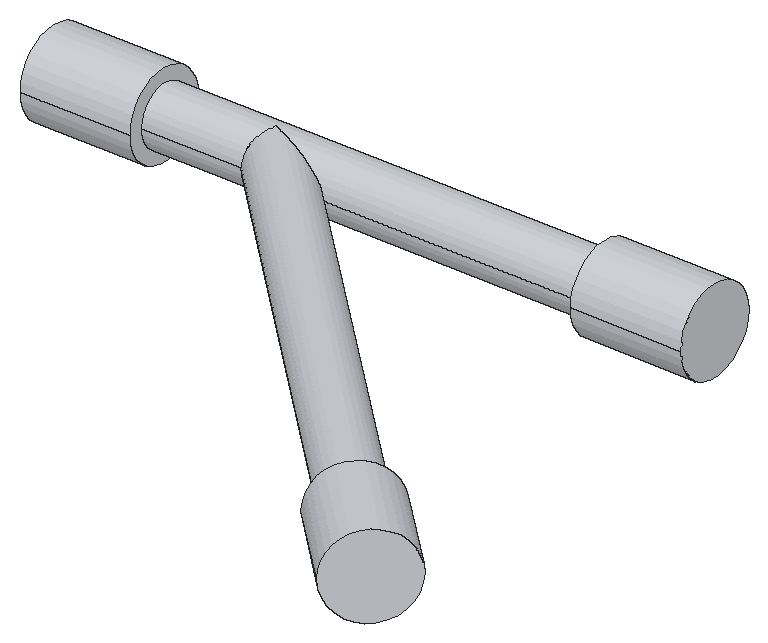
Revit family "M_Filtro do Y - 6-100 mm - Rosqueado", category Acessórios do tubo, Revit 2019
Family settings
  Cota do conector redondo = Usar raio
  Tipo de parte = Quebra em
  Número OmniClass = 23.65.55.14
  Título OmniClass = Valves for Liquid Services
  ID de item do Seek = Y Strainer - 6-100 mm - Threaded-0000-CAN-ENU
  Com base no plano de trabalho = Não
  Sempre na vertical = Sim
  Corte com vazios quando carregada = Não
  Compartilhado = Não
Parameters (values of type "6 mm")
  Material do filtro = none
  Comprimento do filtro 2 = 63.5 mm
  Comprimento do filtro 1 = 75 mm
  Raio do soquete = Diâmetro do soquete / 2  # 4.8 mm
  Diâmetro do soquete = Raio nominal * 3.2  # 9.6 mm
  Raio externo = Diâmetro externo / 2  # 3.3 mm
  Diâmetro externo = Raio nominal * 2.2  # 6.6 mm
  Raio nominal = 3 mm
  Diâmetro nominal = Raio nominal * 2  # 6 mm
  Comprimento = 12.5 mm
  K Coefficient = 0.1
Types (12, lengths in mm): name | Comprimento do filtro 2 | Comprimento do filtro 1 | Raio do soquete | Diâmetro do soquete | Raio externo | Diâmetro externo | Raio nominal | Diâmetro nominal | Comprimento | K Coefficient
  (no name) | 63.5 | 75 | 4.8 | 9.6 | 3.3 | 6.6 | 3 | 6 | 12.5 | 0.1
  6 mm | 63.5 | 75 | 4.8 | 9.6 | 3.3 | 6.6 | 3 | 6 | 12.5 | 0.1
  10 mm | 57 | 75 | 8 | 16 | 5.5 | 11 | 5 | 10 | 12.5 | 0.36
  15 mm | 65 | 75 | 12 | 24 | 8.25 | 16.5 | 7.5 | 15 | 12.5 | 0.62
  20 mm | 92 | 100 | 16 | 32 | 11 | 22 | 10 | 20 | 25 | 0.81
  25 mm | 88 | 120 | 20 | 40 | 13.75 | 27.5 | 12.5 | 25 | 25 | 0.99
  32 mm | 108 | 130 | 25.6 | 51.2 | 17.6 | 35.2 | 16 | 32 | 25 | 1.08
  40 mm | 100 | 145 | 32 | 64 | 22 | 44 | 20 | 40 | 25 | 1.21
  50 mm | 145 | 180 | 40 | 80 | 27.5 | 55 | 25 | 50 | 25 | 1.48
  65 mm | 190 | 225 | 52 | 104 | 35.75 | 71.5 | 32.5 | 65 | 25 | 2.07
  80 mm | 200 | 250 | 64 | 128 | 44 | 88 | 40 | 80 | 25 | 2.77
  100 mm | 315 | 385 | 80 | 160 | 55 | 110 | 50 | 100 | 25 | 3.47
Reference planes
  plane 1 "Centro (Frente/Trás)": y = 0
  plane 2: z = 0
  plane 3 "Centro (Esquerda/Direita)": x = 0
  plane 4: x = -12.7
  plane 5: x = -25.2
  plane 6: x = 49.8
  plane 7: x = 37.3
  plane 8: y = 4.8
  plane 9: y = -4.8
Forms (mm)
  Sweep 1, solid, material <- "Material do filtro", detail levels fine
    path in 3D
      loop
        line (-25.2, 0, 0) -> (-12.7, 0, 0)
    profile origin (-18.95, 0, 0) x (0, 1, 0) y (0, 0, 1)
      loop
        circle (0, 0) r 4.8
  Sweep 2, solid, material <- "Material do filtro", detail levels fine
    path in 3D
      loop
        line (-12.7, 0, 0) -> (37.3, 0, 0)
    profile origin (12.3, 0, 0) x (0, 1, 0) y (0, 0, 1)
      loop
        circle (0, 0) r 3.3
  Sweep 3, solid, material <- "Material do filtro", detail levels fine
    path in 3D
      loop
        line (37.3, 0, 0) -> (49.8, 0, 0)
    profile origin (43.55, 0, 0) x (0, 1, 0) y (0, 0, 1)
      loop
        circle (0, 0) r 4.8
  Sweep 4, solid, material <- "Material do filtro", detail levels fine
    path in 3D
      loop
        line (0, 0, 0) -> (44.901, -44.901, 0)
    profile origin (22.451, -22.451, 0) x (0.707107, 0.707107, 0) y (0, 0, 1)
      loop
        circle (0, 0) r 3.3
  Sweep 5, solid, material <- "Material do filtro", detail levels fine
    path in 3D
      loop
        line (44.901, -44.901, 0) -> (53.74, -53.74, 0)
    profile origin (49.321, -49.321, 0) x (0.707107, 0.707107, 0) y (0, 0, 1)
      loop
        circle (0, 0) r 4.8
Cuts and joins
  joined: Sweep 1, Sweep 2, Sweep 3, Sweep 4, Sweep 5
Lines and regions (mm)
  model lines, detail levels coarse+medium
    curve 1: line (-25.2, 0, 0) -> (-12.7, 0, 0)
    curve 2: line (-12.7, 0, 0) -> (37.3, 0, 0)
    curve 3: line (37.3, 0, 0) -> (49.8, 0, 0)
    curve 4: line (0, 0, 0) -> (44.901, -44.901, 0)
    curve 5: line (44.901, -44.901, 0) -> (53.74, -53.74, 0)
    curve 11: line (-25.2, 4.8, 0) -> (-25.2, -4.8, 0)
    curve 12: line (49.8, 4.8, 0) -> (49.8, -4.8, 0)
    curve 13: line (53.74, -53.74, 0) -> (57.134, -50.346, 0)
    curve 14: line (53.74, -53.74, 0) -> (50.346, -57.134, 0)
  sketch lines
    curve 6: line (-25.2, 0, 0) -> (-12.7, 0, 0)
    curve 7: line (-12.7, 0, 0) -> (37.3, 0, 0)
    curve 8: line (37.3, 0, 0) -> (49.8, 0, 0)
    curve 9: line (0, 0, 0) -> (44.901, -44.901, 0)
    curve 10: line (44.901, -44.901, 0) -> (53.74, -53.74, 0)
Dimensions and locks
  "Comprimento do filtro 1": plane 6 to plane 5
  "Comprimento do filtro 2": curve 4 to curve 4
  "Comprimento": curve 5 to curve 5
  locked: plane 4 to plane 3 "Centro (Esquerda/Direita)" at 12.7
  "Comprimento": plane 7 to plane 6
  "Comprimento": plane 5 to plane 4
  "Raio do soquete": plane 8 to plane 1 "Centro (Frente/Trás)"
  "Raio do soquete": plane 9 to plane 1 "Centro (Frente/Trás)"
  "Raio do soquete": curve 13 to curve 13
  "Raio do soquete": curve 14 to curve 14
  "Raio do soquete": radius of Sweep 1 sketch curve
  "Raio externo": radius of Sweep 2 sketch curve
  "Raio do soquete": radius of Sweep 3 sketch curve
  "Raio externo": radius of Sweep 4 sketch curve
  "Raio do soquete": radius of Sweep 5 sketch curve
  locked: curve 4 to curve 2 (angle 45.00°)
  locked: curve 5 to plane 1 "Centro (Frente/Trás)" (angle 45.00°)
  locked: curve 13 to curve 5 (angle 90.00°)
  locked: curve 5 to curve 14 (angle 90.00°)
  aligned and locked: plane 5 to curve 1
  aligned and locked: plane 4 to curve 1
  aligned and locked: plane 3 "Centro (Esquerda/Direita)" to curve 4
  aligned and locked: plane 1 "Centro (Frente/Trás)" to Sweep 2 sketch curve
  aligned and locked: plane 2 to Sweep 2 sketch curve
  aligned and locked: plane 1 "Centro (Frente/Trás)" to Sweep 1 sketch curve
  aligned and locked: plane 2 to Sweep 1 sketch curve
  aligned and locked: plane 1 "Centro (Frente/Trás)" to Sweep 3 sketch curve
  aligned and locked: plane 2 to Sweep 3 sketch curve
  aligned and locked: plane 2 to Sweep 4 sketch curve
  aligned and locked: plane 2 to Sweep 5 sketch curve
  aligned and locked: curve 11 to plane 5
  aligned and locked: plane 8 to curve 11
  aligned and locked: plane 9 to curve 11
  aligned and locked: curve 12 to plane 6
  aligned and locked: plane 8 to curve 12
  aligned and locked: plane 9 to curve 12
Automatic sketch dimensions
  Sweep 4 sketch curve to profile plane = 0 mm
  Sweep 5 sketch curve to profile plane = 0 mm
  curve 2 to plane 1 "Centro (Frente/Trás)" = 0 mm
  curve 2 to plane 7 = 0 mm
Connectors
  piping at (-25.2, 0, 0), diameter 6, driven by "Raio nominal"
    settings: on cut or joined group of Sweep 1, Sweep 2, Sweep 3, Sweep 4, Sweep 5, index 1, connector inside diameter 6 mm, connector length 0 mm, flow factor 0, pipe flow 0.0 L/s, pressure drop 0.0 Pa, fitting loss kfactor 0, connector angle 0.00°, fixture units 0, engagement length 0 mm, angle of deflection 0.00°, flow configuration 0, flow direction 0, fitting loss method 2, system type 29, joint type 0, gender type 0, connector reference index 2, connector utility 0, adjustable connector no, is connector primary yes, connector description ""
  piping at (49.8, 0, 0), diameter 6, driven by "K Coefficient", driven by "Raio nominal"
    settings: on cut or joined group of Sweep 1, Sweep 2, Sweep 3, Sweep 4, Sweep 5, index 2, connector inside diameter 6 mm, connector length 0 mm, flow factor 0, pipe flow 0.0 L/s, pressure drop 0.0 Pa, fitting loss kfactor 0.1, connector angle 0.00°, fixture units 0, engagement length 0 mm, angle of deflection 0.00°, flow configuration 0, flow direction 0, fitting loss method 2, system type 29, joint type 0, gender type 0, connector reference index 1, connector utility 0, adjustable connector no, is connector primary no, connector description ""
